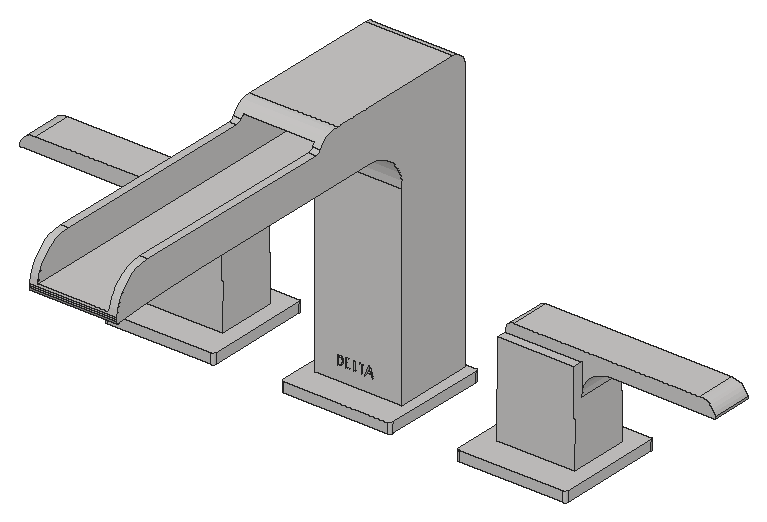
Revit family "Delta Bath Ara 2768", category Plumbing Fixtures, host Face, Revit 2011
Parameters (values of type "Delta Bath Ara 2768")
  URL = "http://www.deltafaucet.com "
  Tap = Stainless Steel
  Model = "2768"
  Manufacturer = "Delta"
  Default Elevation = 48.000"
Reference planes (in)
  plane 1 "Center (Front/Back)": y = 0
  plane 2: z = 0
  plane 3 "Center (Left/Right)": x = 0
Forms (in)
  Extrusion 1, solid, material "Stainless Steel" <- "Tap"
    sketch origin (0, 0, 0) x (0, 1, 0) y (0, 0, 1)
      loop
        arc (1.046, 6.33478) -> (0.94568, 6.57698) -> (0.70348, 6.6773) r 0.34252
        line (0.70348, 6.6773) -> (-2.554, 6.6773)
        arc (-2.554, 6.6773) -> (-2.82047, 6.60697) -> (-3.01753, 6.41431) r 0.54
        arc (-3.01753, 6.41431) -> (-3.07227, 6.3608) -> (-3.14629, 6.34126) r 0.15
        line (-3.14629, 6.34126) -> (-7.9186, 6.34126)
        arc (-7.9186, 6.34126) -> (-8.51377, 6.10946) -> (-8.7954, 5.53618) r 0.88
        arc (-8.7954, 5.53618) -> (-8.7966, 5.51747) -> (-8.797, 5.49872) r 0.44
        line (-8.797, 5.49872) -> (-8.797, 5.46028)
        arc (-8.797, 5.46028) -> (-8.77759, 5.4161) -> (-8.73192, 5.4005) r 0.06
        line (-8.73192, 5.4005) -> (-7.93702, 5.46312) -> (-7.11794, 5.50177) -> (-6.317, 5.51426) -> (-1.63151, 5.51426)
        arc (-1.63151, 5.51426) -> (-0.99122, 5.24904) -> (-0.726, 4.60875) r 0.90551
        line (-0.726, 4.60875) -> (-0.726, 0.221) -> (1.046, 0.221) -> (1.046, 6.33478)
    from -0.96522 to 1.00378
  Extrusion 2, solid, material "Stainless Steel" <- "Tap"
    sketch origin (-2, 0, 0) x (1, 0, 0) y (0, 0, 1)
      loop
        line (-1.12387, 2.324) -> (-2.83757, 2.324) -> (-2.85592, 0.221) -> (-1.10552, 0.221) -> (-1.12387, 2.324)
    from -0.6625 to 0.6625
  Extrusion 3, void
    sketch origin (0, 0, 0) x (1, 0, 0) y (0, 0, 1)
      loop
        line (-0.45552, 0.53573) -> (-0.39353, 0.536)
        arc (-0.39353, 0.536) -> (-0.3453, 0.55308) -> (-0.31857, 0.5967) r 0.07663
        arc (-0.31857, 0.5967) -> (-0.31346, 0.64532) -> (-0.31857, 0.69394) r 0.23384
        arc (-0.31857, 0.69394) -> (-0.3453, 0.73756) -> (-0.39353, 0.75491) r 0.07663
        line (-0.39353, 0.75491) -> (-0.45552, 0.75491) -> (-0.45552, 0.53573)
      loop
        line (-0.42452, 0.72364) -> (-0.42452, 0.567) -> (-0.39353, 0.567)
        arc (-0.39353, 0.567) -> (-0.36481, 0.57717) -> (-0.34889, 0.60314) r 0.04563
        arc (-0.34889, 0.60314) -> (-0.34446, 0.64532) -> (-0.34889, 0.68749) r 0.20284
        arc (-0.34889, 0.68749) -> (-0.36481, 0.71347) -> (-0.39353, 0.72364) r 0.04563
        line (-0.39353, 0.72364) -> (-0.42452, 0.72364)
      loop
        line (-0.27549, 0.53573) -> (-0.15667, 0.53573) -> (-0.15667, 0.567) -> (-0.24449, 0.567) -> (-0.24449, 0.63045) -> (-0.16253, 0.63045) -> (-0.16253, 0.66145) -> (-0.24449, 0.66145) -> (-0.24449, 0.72391) -> (-0.15667, 0.72391) -> (-0.15667, 0.75491) -> (-0.27549, 0.75491) -> (-0.27549, 0.53573)
      loop
        line (-0.0462, 0.567) -> (-0.0462, 0.75491) -> (-0.0772, 0.75491) -> (-0.0772, 0.53573) -> (0.04162, 0.53573) -> (0.04162, 0.567) -> (-0.0462, 0.567)
      loop
        line (0.04162, 0.72391) -> (0.09191, 0.72391) -> (0.09191, 0.53573) -> (0.12291, 0.53573) -> (0.12291, 0.72391) -> (0.1732, 0.72391) -> (0.1732, 0.75491) -> (0.04162, 0.75491) -> (0.04162, 0.72391)
      loop
        line (0.1732, 0.53573) -> (0.2064, 0.53573) -> (0.22604, 0.58688) -> (0.31996, 0.58688) -> (0.33959, 0.53573) -> (0.3728, 0.53573) -> (0.28866, 0.75491) -> (0.25733, 0.75491) -> (0.1732, 0.53573)
      loop
        line (0.23794, 0.61788) -> (0.30806, 0.61788) -> (0.273, 0.70921) -> (0.23794, 0.61788)
    from 0.67 to 0.73513
  Extrusion 4, solid, material "Stainless Steel" <- "Tap"
    sketch origin (-2.85512, 0, 0.474) x (1, 0, 0) y (0, 0, 1)
      loop
        arc (-2.58854, 1.755) -> (-2.16243, 1.57741) -> (-1.98856, 1.14976) r 0.6
        line (-1.98856, 1.14976) -> (-1.98314, 1.77035) -> (-0.26806, 1.77035) -> (-0.26925, 1.90657)
        arc (-0.26925, 1.90657) -> (-0.32252, 2.03283) -> (-0.44924, 2.085) r 0.18
        line (-0.44924, 2.085) -> (-4.6489, 2.085)
        arc (-4.6489, 2.085) -> (-4.87931, 2.00718) -> (-5.01535, 1.80559) r 0.38
        arc (-5.01535, 1.80559) -> (-5.00859, 1.77075) -> (-4.97678, 1.755) r 0.04
        line (-4.97678, 1.755) -> (-2.58854, 1.755)
    from -0.4675 to 0.4375
  Extrusion 5, solid, material "Stainless Steel" <- "Tap"
    sketch origin (2, 0, 0) x (-1, 0, 0) y (0, 0, -1)
      loop
        line (-1.12387, -2.324) -> (-1.10552, -0.221) -> (-2.85592, -0.221) -> (-2.83757, -2.324) -> (-1.12387, -2.324)
    from -0.6625 to 0.6625
  Extrusion 6, solid, material "Stainless Steel" <- "Tap"
    sketch origin (2.85512, 0, 0.474) x (-1, 0, 0) y (0, 0, -1)
      loop
        line (-2.58854, -1.755) -> (-4.97678, -1.755)
        arc (-4.97678, -1.755) -> (-5.00859, -1.77075) -> (-5.01535, -1.80559) r 0.04
        arc (-5.01535, -1.80559) -> (-4.87931, -2.00718) -> (-4.6489, -2.085) r 0.38
        line (-4.6489, -2.085) -> (-0.44924, -2.085)
        arc (-0.44924, -2.085) -> (-0.32252, -2.03283) -> (-0.26925, -1.90657) r 0.18
        line (-0.26925, -1.90657) -> (-0.26806, -1.77035) -> (-1.98314, -1.77035) -> (-1.98856, -1.14976)
        arc (-1.98856, -1.14976) -> (-2.16243, -1.57741) -> (-2.58854, -1.755) r 0.6
    from -0.4675 to 0.4375
  Extrusion 7, void
    sketch origin (0, 0, 0) x (0, 1, 0) y (0, 0, 1)
      loop
        line (-8.79857, 5.59589) -> (-1.64655, 5.59589) -> (-1.64655, 6.48308) -> (-7.9186, 6.48308)
        arc (-7.9186, 6.48308) -> (-8.54339, 6.22279) -> (-8.79857, 5.59589) r 0.88
    from -0.78958 to 0.82814
  Extrusion 8, solid, material "Stainless Steel" <- "Tap"
    sketch origin (0, 0.18163, 0) x (1, 0, 0) y (0, 1, 0)
      loop
        line (1.18828, 0.93537) -> (-1.14972, 0.93537)
        arc (-1.14972, 0.93537) -> (-1.19992, 0.91457) -> (-1.22072, 0.86437) r 0.071
        line (-1.22072, 0.86437) -> (-1.22072, -1.47363)
        arc (-1.22072, -1.47363) -> (-1.19992, -1.52384) -> (-1.14972, -1.54463) r 0.071
        line (-1.14972, -1.54463) -> (1.18828, -1.54463)
        arc (1.18828, -1.54463) -> (1.23848, -1.52384) -> (1.25928, -1.47363) r 0.071
        line (1.25928, -1.47363) -> (1.25928, 0.86437)
        arc (1.25928, 0.86437) -> (1.23848, 0.91457) -> (1.18828, 0.93537) r 0.071
    from 0 to 0.221
  Extrusion 9, solid, material "Stainless Steel" <- "Tap"
    sketch origin (-4, 0.18163, 0) x (1, 0, 0) y (0, 1, 0)
      loop
        arc (-1.14972, 0.93537) -> (-1.19992, 0.91457) -> (-1.22072, 0.86437) r 0.071
        line (-1.22072, 0.86437) -> (-1.22072, -1.47363)
        arc (-1.22072, -1.47363) -> (-1.19992, -1.52384) -> (-1.14972, -1.54463) r 0.071
        line (-1.14972, -1.54463) -> (1.18828, -1.54463)
        arc (1.18828, -1.54463) -> (1.23848, -1.52384) -> (1.25928, -1.47363) r 0.071
        line (1.25928, -1.47363) -> (1.25928, 0.86437)
        arc (1.25928, 0.86437) -> (1.23848, 0.91457) -> (1.18828, 0.93537) r 0.071
        line (1.18828, 0.93537) -> (-1.14972, 0.93537)
    from 0 to 0.221
  Extrusion 10, solid, material "Stainless Steel" <- "Tap"
    sketch origin (4, 0.18163, 0) x (-1, 0, 0) y (0, -1, 0)
      loop
        line (-1.14972, -0.93537) -> (1.18828, -0.93537)
        arc (1.18828, -0.93537) -> (1.23848, -0.91457) -> (1.25928, -0.86437) r 0.071
        line (1.25928, -0.86437) -> (1.25928, 1.47363)
        arc (1.25928, 1.47363) -> (1.23848, 1.52384) -> (1.18828, 1.54463) r 0.071
        line (1.18828, 1.54463) -> (-1.14972, 1.54463)
        arc (-1.14972, 1.54463) -> (-1.19992, 1.52384) -> (-1.22072, 1.47363) r 0.071
        line (-1.22072, 1.47363) -> (-1.22072, -0.86437)
        arc (-1.22072, -0.86437) -> (-1.19992, -0.91457) -> (-1.14972, -0.93537) r 0.071
    from 0 to 0.221
Cuts and joins
  Extrusion 3, Extrusion 7 cuts Extrusion 1
Dimensions and locks (in)
  aligned and locked: plane 2 to host face
  aligned and locked: level to host face
Connectors (in)
  piping at (0, 0, 0)
    settings: on host face, index 1, connector radius 12", flow factor 0, pipe flow 0 GPM, pressure drop 0.00 psi, fitting loss kfactor 0, connector angle 0.00°, fixture units 0, engagement length 0.000", flow configuration 0, flow direction 0, fitting loss method 0, system type 7, joint type 0, gender type 0, connector reference index -1, connector utility 0, adjustable connector no, is connector primary yes, fitting loss table "", connector description ""
